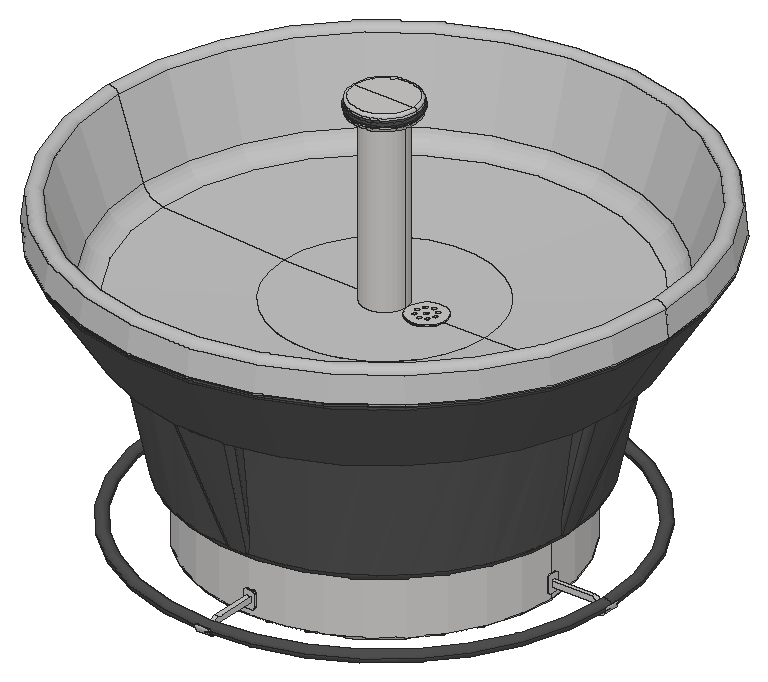
Revit family "Washfountain_Lavatory-Bradley_Corp-WF2808-Type_B_Drain", category Plumbing Fixtures, Revit 2012
Parameters
  Width = 54.000"
  Warranty Information = ""
  WFU = 0
  Voltage = 110 V
  Version = "2.0"
  Vent Radius = Vent / 2  # 3/4"
  Vent = 1 1/2"
  URL = "http://www.bradleycorp.com/"
  Towel Dispenser Holder [instance] = if((Soap Dispenser), 6.000", 15.000")  # 15.000"
  Towel Dispenser Height [instance] = if((Sensor Module), 55.750", 52.250")  # 52.250"
  TouchTime® Control [instance] = no
  Technical Data = ""
  Vent Height [instance] = if(and(Sensor Module, Soap Dispenser, Towel Dispenser), 72.063", if(and(Sensor Module, Soap Dispenser, No Towel Dispenser), 49.750", if(and(Sensor Module, No Soap Dispenser, No Towel Dispenser), 40.750", if(and(Sensor Module, No Soap Dispenser, Towel Dispenser), 72.063", if(and(No Sensor Module, No Soap Dispenser, No Towel Dispenser), 37.250", if(and(No Sensor Module, No Soap Dispenser, Towel Dispenser), 68.563", if(and(No Sensor Module, Soap Dispenser, Towel Dispenser), 68.563", 46.250")))))))  # 37.250"
  Spray Head Height = 37.250"
  Specifications URL = "http://www.bradleycorp.com/3partspec"
  Soap Dispenser Holder [instance] = 3.000"  # constant formula
  Soap Dispenser Height [instance] = if((Sensor Module), 49.750", 46.250")  # 46.250"
  Sensor Module Height = 40.750"
  Sensor Module [instance] = or(not(Foot Control Valve), TouchTime® Control, Air Valve Hand Control, Adaptive Infrared Activation Control)  # no
  Rim Height = 29.000"
  Product Tech Data URL - Spanish = ""
  Product Tech Data URL - French = ""
  Product Tech Data URL - English = "http://bradleycorp.com/download/1241/2015.pdf"
  Pedestal Material = Plastic - Bradley Corp - Black
  Pedestal Height = 26.000"
  Operating Water Pressure Range = "20 - 80 PSI"
  OmniClass Table 23 Title = "Sinks/Lavatories"
  OmniClass Table 23 Number = "23-31 13 00"
  OmniClass Table 21 Title = "Plumbing Fixtures"
  OmniClass Table 21 Number = "21-04 20 10 60"
  No Towel Dispenser [instance] = not(Towel Dispenser)  # yes
  No Soap Dispenser [instance] = not(Soap Dispenser)  # yes
  No Sensor Module [instance] = not(Sensor Module)  # yes
  Modeling Code = ""
  Model = "WF2808"
  Material Note = "Other Terrazzo colors available - See www.bradleycorp.com "
  MasterFormat Title = "Commercial Lavatories and Sinks"
  MasterFormat Number = "22 42 16"
  Manufacturer = "Bradley Corp"
  Industry Standards = "ANSI Z124.3, Z124.6 and ANSI/ICPA SS-1-2001"
  Hot Lavatory Inlet Radius = Hot Lavatory Inlet / 2  # 1/4"
  Hot Lavatory Inlet = 1/2"
  HWFU = 0
  Frequency = 50 Hz
  Foot Control Valve [instance] = not(or(TouchTime® Control, Air Valve Hand Control, Adaptive Infrared Activation Control))  # yes
  Flow Rate = 5.0 GPM
  Fire Rating = "n/a"
  Drain Radius = Drain / 2  # 1"
  Drain = 2"
  Description = "Washfountain, 54\" Circular with 9\" Deep Bowl"
  Copyright = "This Model Data is Property of Bradley Corporation"
  Cold Lavatory Inlet Radius = Cold Lavatory Inlet / 2  # 1/4"
  Cold Lavatory Inlet = 1/2"
  CWFU = 0
  Buy American Act = "No"
  Button Visibility [instance] = or(TouchTime® Control, Air Valve Hand Control)  # no
  Bowl Material [instance] = Stone - Bradley Corp - Carbon
  Assembly Code = "D2010300"
  Air Valve Hand Control [instance] = no
  Adaptive Infrared Activation Control [instance] = no
  ADA Compliant = "Yes"
  Soap Dispenser [instance] = no
  Towel Dispenser [instance] = no
Reference planes (in)
  plane 1 "Center (Front/Back)": y = 0
  plane 2: z = 0
  plane 3 "Center (Left/Right)": x = 0
  plane 4 "Left": x = -27
  plane 5 "Right": x = 27
  plane 6 "Front": y = -27
  plane 7 "Back": y = 27
  plane 8 "Towel Dispenser": z = 52.25
  plane 9 "Soap Dispenser": z = 46.25
  plane 10 "Sensor Module": z = 40.75
  plane 11 "Spray Head": z = 37.25
  plane 12 "Rim Height": z = 29
  plane 13: z = 40.25
  plane 14 "Pedestal Height": z = 26
Forms (in)
  Revolve 1, solid, material "Stone - Bradley Corp - Carbon" <- "Bowl Material", detail levels medium+fine
    sketch origin (-3, 0, 29) x (1, 0, 0) y (0, 0, 1)
      loop
        line (-19.00041, -10.88) -> (1, -10.88) -> (1, -8.99998) -> (-6.5, -8.99998) -> (-18.04504, -8.54806)
        arc (-18.04504, -8.54806) -> (-19.17262, -8.16768) -> (-19.88451, -7.2141) r 2
        line (-19.88451, -7.2141) -> (-22.2559, -0.49353)
        arc (-22.2559, -0.49353) -> (-23.0061, 0) -> (-23.6919, -0.5797) r 0.75
        line (-23.6919, -0.5797) -> (-24, -2.8881)
        arc (-24, -2.8881) -> (-23.97669, -2.96533) -> (-23.90322, -2.99865) r 0.09764
        line (-23.90322, -2.99865) -> (-23.7906, -2.99865) -> (-23.84579, -3.22848)
        arc (-23.84579, -3.22848) -> (-23.84847, -3.32773) -> (-23.81229, -3.42019) r 0.24994
        line (-23.81229, -3.42019) -> (-19.00041, -10.88)
      axis (3, -0.49353) -> (3, -10.88)
    angle from 0 to 360
  Revolve 2, solid, material "Stone - Bradley Corp - Carbon" <- "Bowl Material", detail levels coarse
    sketch origin (-3, 0, 29) x (1, 0, 0) y (0, 0, 1)
      loop
        line (-24, 0) -> (-24, -3) -> (-23.50943, -3) -> (-19.08564, -10.88) -> (1, -10.88) -> (1, -8.85798) -> (-6.5, -8.85798) -> (-19.43127, -8.4938) -> (-22.43959, 0) -> (-24, 0)
      axis (3, 0) -> (3, -10.88)
    angle from 0 to 360
  Revolve 3, solid, material "Metal - Bradley Corp - Stainless Steel - Polished", detail levels fine
    sketch origin (-3, 0, 37.25) x (1, 0, 0) y (0, 0, 1)
      loop
        arc (0.215, 0.00002) -> (0.03822, -0.0732) -> (-0.035, -0.24998) r 0.25
        line (-0.035, -0.24998) -> (-0.035, -0.44498)
        arc (-0.035, -0.44498) -> (-0.10129, -0.47244) -> (-0.12875, -0.53873) r 0.09375
        line (-0.12875, -0.53873) -> (-0.12875, -0.85123)
        arc (-0.12875, -0.85123) -> (-0.10129, -0.91752) -> (-0.035, -0.94498) r 0.09375
        line (-0.035, -0.94498) -> (-0.035, -1.13998)
        arc (-0.035, -1.13998) -> (0.03822, -1.31676) -> (0.215, -1.38998) r 0.25
        line (0.215, -1.38998) -> (1, -1.38998) -> (1, -18.991) -> (3, -18.991) -> (3, 0.00002) -> (0.215, 0.00002)
      axis (3, 0.00002) -> (3, -18.991)
    angle from 0 to 360
  Revolve 4, solid, material "Metal - Bradley Corp - Stainless Steel - Polished", detail levels coarse+medium
    sketch origin (-3, 0, 37.25) x (1, 0, 0) y (0, 0, 1)
      loop
        line (3, 0) -> (0.21498, 0) -> (-0.12875, -0.44498) -> (-0.12875, -0.94498) -> (0.215, -1.38998) -> (1, -1.38998) -> (1, -18.991) -> (3, -18.991) -> (3, 0)
      axis (3, 0) -> (3, -18.991)
    angle from 0 to 360
  Revolve 5, solid, material "Metal - Bradley Corp - Stainless Steel - Polished", visible <- "Soap Dispenser", detail levels fine
    sketch origin (-3, 0, 46.25) x (1, 0, 0) y (0, 0, 1)
      loop
        arc (-1.17907, 0) -> (-2.18101, -0.11803) -> (-3.1566, -0.375) r 7.19764
        line (-3.1566, -0.375) -> (-3.1566, -1) -> (-3.01376, -1) -> (-3.01376, -1.64327) -> (-2.98301, -1.64327) -> (-2.98301, -2.89327) -> (-2.93039, -2.89327) -> (-2.93039, -4.14327) -> (-2.87777, -4.14327) -> (-2.87777, -5.39327) -> (-2.81, -5.39327) -> (-2.81, -6) -> (3, -6) -> (3, 0) -> (-1.17907, 0)
      axis (3, 0) -> (3, -6)
    angle from 0 to 360
  Revolve 6, solid, material "Metal - Bradley Corp - Stainless Steel - Polished", visible <- "Soap Dispenser", detail levels coarse+medium
    sketch origin (-3, 0, 46.25) x (1, 0, 0) y (0, 0, 1)
      loop
        line (3, -1) -> (-3.1566, -1) -> (-2.81, -6) -> (3, -6) -> (3, -1)
      axis (3, -1) -> (3, -6)
    angle from 0 to 360
  Revolve 7, solid, material "Metal - Bradley Corp - Stainless Steel - Polished", visible <- "Sensor Module", detail levels fine
    sketch origin (-3, 0, 40.75) x (1, 0, 0) y (0, 0, 1)
      loop
        line (-1.49987, -0.56541) -> (-1.49987, -1.98683)
        arc (-1.49987, -1.98683) -> (-1.48063, -2.08301) -> (-1.42587, -2.16439) r 0.25
        line (-1.42587, -2.16439) -> (-0.82309, -2.76716)
        arc (-0.82309, -2.76716) -> (-0.74199, -2.82135) -> (-0.64632, -2.84038) r 0.25
        line (-0.64632, -2.84038) -> (1, -2.84038) -> (1, -3.5) -> (3, -3.5) -> (3, 0) -> (0.89718, 0)
        arc (0.89718, 0) -> (-0.28099, -0.0858) -> (-1.45612, -0.2063) r 40.06
        arc (-1.45612, -0.2063) -> (-1.54124, -0.251) -> (-1.57537, -0.34072) r 0.135
        line (-1.57537, -0.34072) -> (-1.57537, -0.56541) -> (-1.49987, -0.56541)
      axis (3, 0) -> (3, -3.5)
    angle from 0 to 360
  Revolve 8, solid, material "Metal - Bradley Corp - Stainless Steel - Polished", visible <- "Sensor Module", detail levels coarse+medium
    sketch origin (-3, 0, 40.75) x (1, 0, 0) y (0, 0, 1)
      loop
        line (-1.57537, -2.01488) -> (-0.75025, -2.84) -> (1, -2.84) -> (1, -3.5) -> (3, -3.5) -> (3, 0) -> (-1.57537, 0) -> (-1.57537, -2.01488)
      axis (3, 0) -> (3, -3.5)
    angle from 0 to 360
  Extrusion 9, solid, material "Metal - Bradley Corp - Stainless Steel - Polished", visible <- "Towel Dispenser"
    sketch origin (-5.60167, 3.20696, 52.25) x (0, 0, 1) y (0, 1, 0)
      loop
        line (0, 0) -> (15.313, 0) -> (14.62567, 4) -> (1.37502, 4) -> (0, 1.75) -> (0, 0)
    from -0.10167 to -11.10192
  Extrusion 10, solid, material "Metal - Bradley Corp - Stainless Steel - Polished", visible <- "Towel Dispenser"
    sketch origin (-0.06259, -6.38699, 52.25) x (0, 0, 1) y (-0.866025, -0.5, 0)
      loop
        line (0, 0) -> (15.313, 0) -> (14.62567, 4) -> (1.37502, 4) -> (0, 1.75) -> (0, 0)
    from 0 to -11
  Extrusion 11, solid, material "Metal - Bradley Corp - Stainless Steel - Polished", visible <- "Towel Dispenser"
    sketch origin (5.61356, 3.22741, 55.75) x (0, 0, 1) y (0.866038, -0.499977, 0)
      loop
        line (-3.5, 0) -> (11.813, 0) -> (11.12567, 4) -> (-2.12498, 4) -> (-3.5, 1.75) -> (-3.5, 0)
    from -0.10167 to -11.10192
  Extrusion 12, solid, material "Metal - Bradley Corp - Stainless Steel - Polished", visible <- "Towel Dispenser"
    sketch origin (0, 0, 52.25) x (-1, 0, 0) y (0, -1, 0)
      loop
        circle (0, 0) r 2
    from -15 to 16.313
  Extrusion 13, solid, material "Metal - Bradley Corp - Stainless Steel - Polished", visible <- "Soap Dispenser"
    sketch origin (0, 0, 46.25) x (-1, 0, 0) y (0, -1, 0)
      loop
        circle (0, 0) r 2
    from -6 to -9
  Extrusion 14, solid, material "Metal - Bradley Corp - Stainless Steel - Polished", visible <- "Towel Dispenser"
    sketch origin (0, 0, 52.25) x (-1, 0, 0) y (0, -1, 0)
      loop
        line (5.5, -3.20696) -> (5.56259, -3.13929) -> (0.06259, 6.38699) -> (-0.06295, 6.3871) -> (-5.56269, -3.13929) -> (-5.50026, -3.20696) -> (5.5, -3.20696)
      loop
        circle (0, 0) r 2
    from 14.62567 to 14.12567
  Extrusion 15, solid, material "Metal - Bradley Corp - Stainless Steel - Polished", visible <- "Towel Dispenser"
    sketch origin (0, 0, 52.25) x (-1, 0, 0) y (0, -1, 0)
      loop
        line (5.56259, -3.13929) -> (0.06259, 6.38699) -> (-0.06295, 6.3871) -> (-5.56269, -3.13929) -> (-5.50026, -3.20696) -> (5.5, -3.20696) -> (5.56259, -3.13929)
      loop
        circle (0, 0) r 2
    from 1.0786 to 1.5786
  Sweep 16, solid, material "Plastic - Bradley Corp - Black", visible <- "Foot Control Valve"
    path in 3D
      loop
        arc (-21, 0, 0) -> (0, -21, 0) -> (21, 0, 0) r 21
        arc (21, 0, 0) -> (0, 21, 0) -> (-21, 0, 0) r 21
    profile origin (0, 21, 0) x (0, -1, 0) y (0, 0, 1)
      loop
        circle (0, 1.425) r 0.5
  Extrusion 17, solid, material "Metal - Bradley Corp - Stainless Steel - Satin", visible <- "Foot Control Valve"
    sketch origin (0, 0, 0) x (1, 0, 0) y (0, 0, 1)
      loop
        arc (-21.48307, 1.55388) -> (-21.51847, 1.61509) -> (-21.57968, 1.57969) r 0.05
        arc (-21.57968, 1.57969) -> (-21.01372, 0.82503) -> (-20.41385, 1.55302) r 0.6
        arc (-20.41385, 1.55302) -> (-20.47337, 1.59119) -> (-20.51154, 1.53166) r 0.05
        arc (-20.51154, 1.53166) -> (-21.01143, 0.925) -> (-21.48307, 1.55388) r 0.5
      loop
        arc (21.48307, 1.55388) -> (21.01143, 0.925) -> (20.51154, 1.53166) r 0.5
        arc (20.51154, 1.53166) -> (20.47337, 1.59119) -> (20.41385, 1.55302) r 0.05
        arc (20.41385, 1.55302) -> (21.01372, 0.82503) -> (21.57968, 1.57969) r 0.6
        arc (21.57968, 1.57969) -> (21.51847, 1.61509) -> (21.48307, 1.55388) r 0.05
    from -0.67 to 0.67
  Extrusion 18, solid, material "Metal - Bradley Corp - Stainless Steel - Satin", visible <- "Foot Control Valve"
    sketch origin (0, 0, 0) x (0, 1, 0) y (0, 0, 1)
      loop
        arc (21.48307, 1.55401) -> (21.01143, 0.92513) -> (20.51154, 1.53179) r 0.5
        arc (20.51154, 1.53179) -> (20.47337, 1.59132) -> (20.41385, 1.55315) r 0.05
        arc (20.41385, 1.55315) -> (21.01372, 0.82516) -> (21.57968, 1.57982) r 0.6
        arc (21.57968, 1.57982) -> (21.51847, 1.61522) -> (21.48307, 1.55401) r 0.05
      loop
        arc (-21.48307, 1.55401) -> (-21.51847, 1.61522) -> (-21.57968, 1.57982) r 0.05
        arc (-21.57968, 1.57982) -> (-21.01372, 0.82516) -> (-20.41385, 1.55315) r 0.6
        arc (-20.41385, 1.55315) -> (-20.47337, 1.59132) -> (-20.51154, 1.53179) r 0.05
        arc (-20.51154, 1.53179) -> (-21.01143, 0.92513) -> (-21.48307, 1.55401) r 0.5
    from -0.67 to 0.67
  Extrusion 19, solid, material "Metal - Bradley Corp - Stainless Steel - Satin", visible <- "Foot Control Valve"
    sketch origin (0, 0, 0) x (1, 0, 0) y (0, 0, 1)
      loop
        line (-16.0446, 1.26725) -> (-16.0446, 1.76725) -> (-19.80661, 1.76725)
        arc (-19.80661, 1.76725) -> (-20.14911, 1.67556) -> (-20.4, 1.42503) r 0.68556
        arc (-20.4, 1.42503) -> (-20.57574, 1.00076) -> (-21, 0.82503) r 0.6
        arc (-21, 0.82503) -> (-20.42367, 0.87326) -> (-19.94786, 1.20202) r 1.12245
        arc (-19.94786, 1.20202) -> (-19.8844, 1.25015) -> (-19.80661, 1.26725) r 0.18556
        line (-19.80661, 1.26725) -> (-16.0446, 1.26725)
      loop
        line (16.04456, 1.26725) -> (19.80661, 1.26725)
        arc (19.80661, 1.26725) -> (19.8844, 1.25015) -> (19.94786, 1.20202) r 0.18556
        arc (19.94786, 1.20202) -> (20.42367, 0.87326) -> (21, 0.82503) r 1.12245
        arc (21, 0.82503) -> (20.57574, 1.00076) -> (20.4, 1.42503) r 0.6
        arc (20.4, 1.42503) -> (20.14911, 1.67556) -> (19.80661, 1.76725) r 0.68556
        line (19.80661, 1.76725) -> (16.04456, 1.76725) -> (16.04456, 1.26725)
    from -0.2 to 0.2
  Extrusion 20, solid, material "Metal - Bradley Corp - Stainless Steel - Satin", visible <- "Foot Control Valve"
    sketch origin (0, 0, 0) x (0, 1, 0) y (0, 0, 1)
      loop
        line (16.04286, 1.27219) -> (19.80754, 1.27219)
        arc (19.80754, 1.27219) -> (19.88533, 1.25509) -> (19.94879, 1.20696) r 0.18556
        arc (19.94879, 1.20696) -> (20.4246, 0.8782) -> (21.00093, 0.82997) r 1.12245
        arc (21.00093, 0.82997) -> (20.57666, 1.0057) -> (20.40093, 1.42997) r 0.6
        arc (20.40093, 1.42997) -> (20.15004, 1.6805) -> (19.80754, 1.77219) r 0.68556
        line (19.80754, 1.77219) -> (16.04286, 1.77219) -> (16.04286, 1.27219)
      loop
        line (-16.04458, 1.27219) -> (-16.04458, 1.77219) -> (-19.80754, 1.77219)
        arc (-19.80754, 1.77219) -> (-20.15004, 1.6805) -> (-20.40093, 1.42997) r 0.68556
        arc (-20.40093, 1.42997) -> (-20.57666, 1.0057) -> (-21.00093, 0.82997) r 0.6
        arc (-21.00093, 0.82997) -> (-20.4246, 0.8782) -> (-19.94879, 1.20696) r 1.12245
        arc (-19.94879, 1.20696) -> (-19.88533, 1.25509) -> (-19.80754, 1.27219) r 0.18556
        line (-19.80754, 1.27219) -> (-16.04458, 1.27219)
    from -0.19588 to 0.2
  Extrusion 21, solid, material "Metal - Bradley Corp - Stainless Steel - Satin", visible <- "Foot Control Valve"
    sketch origin (0, 0, 0) x (0, 1, 0) y (0, 0, 1)
      loop
        line (0.25501, 2.33461) -> (-0.24499, 2.33461)
        arc (-0.24499, 2.33461) -> (-0.42177, 2.26139) -> (-0.49499, 2.08461) r 0.25
        line (-0.49499, 2.08461) -> (-0.49499, 0.95961)
        arc (-0.49499, 0.95961) -> (-0.42177, 0.78284) -> (-0.24499, 0.70961) r 0.25
        line (-0.24499, 0.70961) -> (0.25501, 0.70961)
        arc (0.25501, 0.70961) -> (0.43178, 0.78284) -> (0.50501, 0.95961) r 0.25
        line (0.50501, 0.95961) -> (0.50501, 2.08461)
        arc (0.50501, 2.08461) -> (0.43178, 2.26139) -> (0.25501, 2.33461) r 0.25
      loop
        line (0.24214, 1.22802) -> (0.24214, 1.81621) -> (-0.23845, 1.81621) -> (-0.23845, 1.22802) -> (0.24214, 1.22802)
    from -16.0446 to -15.8946
  Extrusion 22, solid, material "Metal - Bradley Corp - Stainless Steel - Satin", visible <- "Foot Control Valve"
    sketch origin (0, 0, 0) x (0, 1, 0) y (0, 0, 1)
      loop
        arc (-0.25501, 2.33461) -> (-0.43178, 2.26139) -> (-0.50501, 2.08461) r 0.25
        line (-0.50501, 2.08461) -> (-0.50501, 0.95961)
        arc (-0.50501, 0.95961) -> (-0.43178, 0.78284) -> (-0.25501, 0.70961) r 0.25
        line (-0.25501, 0.70961) -> (0.24499, 0.70961)
        arc (0.24499, 0.70961) -> (0.42177, 0.78284) -> (0.49499, 0.95961) r 0.25
        line (0.49499, 0.95961) -> (0.49499, 2.08461)
        arc (0.49499, 2.08461) -> (0.42177, 2.26139) -> (0.24499, 2.33461) r 0.25
        line (0.24499, 2.33461) -> (-0.25501, 2.33461)
      loop
        line (-0.24214, 1.22802) -> (0.23845, 1.22802) -> (0.23845, 1.81621) -> (-0.24214, 1.81621) -> (-0.24214, 1.22802)
    from 15.89284 to 16.04456
  Extrusion 23, solid, material "Metal - Bradley Corp - Stainless Steel - Satin", visible <- "Foot Control Valve"
    sketch origin (0, 0, 0) x (1, 0, 0) y (0, 0, 1)
      loop
        arc (-0.25501, 2.33461) -> (-0.43178, 2.26139) -> (-0.50501, 2.08461) r 0.25
        line (-0.50501, 2.08461) -> (-0.50501, 0.95961)
        arc (-0.50501, 0.95961) -> (-0.43178, 0.78284) -> (-0.25501, 0.70961) r 0.25
        line (-0.25501, 0.70961) -> (0.24499, 0.70961)
        arc (0.24499, 0.70961) -> (0.42177, 0.78284) -> (0.49499, 0.95961) r 0.25
        line (0.49499, 0.95961) -> (0.49499, 2.08461)
        arc (0.49499, 2.08461) -> (0.42177, 2.26139) -> (0.24499, 2.33461) r 0.25
        line (0.24499, 2.33461) -> (-0.25501, 2.33461)
      loop
        line (-0.24214, 1.22802) -> (0.23845, 1.22802) -> (0.23845, 1.81621) -> (-0.24214, 1.81621) -> (-0.24214, 1.22802)
    from -16.04286 to -15.89458
  Extrusion 24, solid, material "Metal - Bradley Corp - Stainless Steel - Satin", visible <- "Foot Control Valve"
    sketch origin (0, 0, 0) x (1, 0, 0) y (0, 0, 1)
      loop
        line (0.25501, 2.33461) -> (-0.24499, 2.33461)
        arc (-0.24499, 2.33461) -> (-0.42177, 2.26139) -> (-0.49499, 2.08461) r 0.25
        line (-0.49499, 2.08461) -> (-0.49499, 0.95961)
        arc (-0.49499, 0.95961) -> (-0.42177, 0.78284) -> (-0.24499, 0.70961) r 0.25
        line (-0.24499, 0.70961) -> (0.25501, 0.70961)
        arc (0.25501, 0.70961) -> (0.43178, 0.78284) -> (0.50501, 0.95961) r 0.25
        line (0.50501, 0.95961) -> (0.50501, 2.08461)
        arc (0.50501, 2.08461) -> (0.43178, 2.26139) -> (0.25501, 2.33461) r 0.25
      loop
        line (0.24214, 1.22802) -> (0.24214, 1.81621) -> (-0.23845, 1.81621) -> (-0.23845, 1.22802) -> (0.24214, 1.22802)
    from 15.89458 to 16.04458
  Extrusion 25, void
    sketch origin (0, 0, 18.12) x (-1, 0, 0) y (0, -1, 0)
      loop
        circle (-4, 0) r 1.75
    from 0 to 10.88
  Extrusion 26, solid, material "Metal - Bradley Corp - Stainless Steel - Polished", detail levels medium+fine
    sketch origin (0, 0, 18.12) x (-1, 0, 0) y (0, -1, 0)
      loop
        circle (-4, 0) r 1.75
      loop
        circle (-4, 0) r 0.1842
      loop
        circle (-4, -0.87771) r 0.1842
      loop
        circle (-3.12229, 0) r 0.1842
      loop
        circle (-4, 0.87771) r 0.1842
      loop
        circle (-4.87771, 0) r 0.1842
      loop
        circle (-4.62063, -0.62063) r 0.1842
      loop
        circle (-3.37937, -0.62063) r 0.1842
      loop
        circle (-3.37937, 0.62063) r 0.1842
      loop
        circle (-4.62063, 0.62063) r 0.1842
    from 1.97531 to 2.02202
  Extrusion 27, solid, material "Default", not visible, detail levels medium+fine
    sketch origin (0, 0, 0) x (1, 0, 0) y (0, 1, 0)
      loop
        circle (-4, 0) r 1
      loop
        line (1, 5.5) -> (-1, 5.5) -> (-1, 4.5) -> (1, 4.5) -> (1, 5.5)
    from 0 to 3
  SweptBlend 28, solid, material "Plastic - Bradley Corp - Black" <- "Pedestal Material", detail levels medium+fine
    path in 3D
      loop
        line (-17.47033, -0.07207, 6.24986) -> (-22.00672, -0.07207, 18.12)
    profile origin (-17.47033, -0.07207, 6.24986) x (0, 1, 0) y (-0.934109, 0, -0.356987)
      loop
        arc (1.10677, -0.31109) -> (1.01994, -0.10145) -> (0.8103, -0.01461) r 0.29648
        arc (0.8103, -0.01461) -> (0, 0.02141) -> (-0.8103, -0.01461) r 9.13062
        arc (-0.8103, -0.01461) -> (-1.01994, -0.10145) -> (-1.10677, -0.31109) r 0.29648
        line (-1.10677, -0.31109) -> (-1.10677, -2.07277) -> (1.10677, -2.07277) -> (1.10677, -0.31109)
    end profile origin (-22.00672, -0.07207, 18.12) x (0, 1, 0) y (-0.934109, 0, -0.356987)
      loop
        spline (2.38834, -0.11493) -> (2.00339, -0.08006) -> (1.61784, -0.05152) -> (1.23182, -0.02931) -> (0.84544, -0.01344) -> (0.45881, -0.00392) -> (0.07207, -0.00074) -> (-0.31467, -0.00392) -> (-0.70129, -0.01344) -> (-1.08767, -0.02931) -> (-1.4737, -0.05152) -> (-1.85924, -0.08006) -> (-2.24419, -0.11493)
        arc (-2.24419, -0.11493) -> (-2.58078, -0.31531) -> (-2.71312, -0.684) r 0.57976
        line (-2.71312, -0.684) -> (-2.20765, -2.07277) -> (2.35179, -2.07277) -> (2.85726, -0.684)
        arc (2.85726, -0.684) -> (2.72493, -0.31531) -> (2.38834, -0.11493) r 0.57976
  Revolve 29, solid, material "Plastic - Bradley Corp - Black" <- "Pedestal Material", detail levels medium+fine
    sketch origin (0, 0, 0) x (1, 0, 0) y (0, 0, 1)
      loop
        arc (-17.49891, 6.32544) -> (-17.17129, 5.84995) -> (-16.62363, 5.66694) r 0.91095
        line (-16.62363, 5.66694) -> (0, 5.66694) -> (0, 18.12) -> (-20.00592, 18.12) -> (-17.49891, 6.32544)
      axis (0, 18.12) -> (0, 5.66694)
    angle from 0 to 360
  SweptBlend 30, solid, material "Plastic - Bradley Corp - Black" <- "Pedestal Material", detail levels medium+fine
    path in 3D
      loop
        line (0.07207, -17.47033, 6.24986) -> (0.07207, -22.00672, 18.12)
    profile origin (0.07207, -17.47033, 6.24986) x (-0.135177, 0.925536, 0.35371) y (-0.990822, -0.12627, -0.048256)
      loop
        arc (0.45784, 1.05456) -> (0.23839, 0.99686) -> (0.12401, 0.80089) r 0.29648
        arc (0.12401, 0.80089) -> (-0.02122, 0.00289) -> (-0.09506, -0.80484) r 9.13062
        arc (-0.09506, -0.80484) -> (-0.03736, -1.02429) -> (0.15862, -1.13867) r 0.29648
        line (0.15862, -1.13867) -> (1.90413, -1.3768) -> (2.20335, 0.81642) -> (0.45784, 1.05456)
    end profile origin (0.07207, -22.00672, 18.12) x (-0.135177, 0.925536, 0.35371) y (-0.990822, -0.12627, -0.048256)
      loop
        spline (0.43672, 2.35088) -> (0.35014, 1.97418) -> (0.26974, 1.59603) -> (0.19555, 1.21655) -> (0.1276, 0.83586) -> (0.0659, 0.45407) -> (0.01048, 0.07131) -> (-0.03866, -0.31231) -> (-0.08148, -0.69667) -> (-0.11799, -1.08165) -> (-0.14817, -1.46713) -> (-0.172, -1.853) -> (-0.18949, -2.23913)
        arc (-0.18949, -2.23913) -> (-0.03645, -2.59972) -> (0.31097, -2.78068) r 0.57976
        line (0.31097, -2.78068) -> (1.75532, -2.46757) -> (2.37165, 2.05002) -> (1.06395, 2.73858)
        arc (1.06395, 2.73858) -> (0.68076, 2.6573) -> (0.43672, 2.35088) r 0.57976
  SweptBlend 31, solid, material "Plastic - Bradley Corp - Black" <- "Pedestal Material", detail levels medium+fine
    path in 3D
      loop
        line (17.47033, 0.07207, 6.24986) -> (22.00672, 0.07207, 18.12)
    profile origin (17.47033, 0.07207, 6.24986) x (-0.12862, 0.990475, 0.049154) y (-0.925212, -0.137692, 0.353587)
      loop
        arc (-1.0534, 0.46052) -> (-0.99625, 0.24092) -> (-0.80057, 0.12604) r 0.29648
        arc (-0.80057, 0.12604) -> (-0.00295, -0.02121) -> (0.80459, -0.0971) r 9.13062
        arc (0.80459, -0.0971) -> (1.02419, -0.03996) -> (1.13907, 0.15573) r 0.29648
        line (1.13907, 0.15573) -> (1.38164, 1.90063) -> (-0.81083, 2.20542) -> (-1.0534, 0.46052)
    end profile origin (22.00672, 0.07207, 18.12) x (-0.12862, 0.990475, 0.049154) y (-0.925212, -0.137692, 0.353587)
      loop
        spline (-2.34977, 0.44269) -> (-1.97328, 0.35515) -> (-1.59534, 0.27379) -> (-1.21605, 0.19864) -> (-0.83553, 0.12972) -> (-0.4539, 0.06705) -> (-0.07128, 0.01066) -> (0.31221, -0.03945) -> (0.69646, -0.08325) -> (1.08135, -0.12074) -> (1.46675, -0.15189) -> (1.85256, -0.17671) -> (2.23864, -0.19518)
        arc (2.23864, -0.19518) -> (2.59962, -0.04305) -> (2.78146, 0.30391) r 0.57976
        line (2.78146, 0.30391) -> (2.47202, 1.74905) -> (-2.04399, 2.37685) -> (-2.73587, 1.0709)
        arc (-2.73587, 1.0709) -> (-2.65556, 0.6875) -> (-2.34977, 0.44269) r 0.57976
  SweptBlend 32, solid, material "Plastic - Bradley Corp - Black" <- "Pedestal Material", detail levels medium+fine
    path in 3D
      loop
        line (-0.07207, 17.47033, 6.24986) -> (-0.07207, 22.00672, 18.12)
    profile origin (-0.07207, 17.47033, 6.24986) x (-0.265556, 0.900571, -0.344169) y (-0.964096, -0.248058, 0.0948)
      loop
        arc (-0.59383, -0.98442) -> (-0.36865, -0.95638) -> (-0.22927, -0.77732) r 0.29648
        arc (-0.22927, -0.77732) -> (0.02065, -0.00569) -> (0.20109, 0.78508) r 9.13062
        arc (0.20109, 0.78508) -> (0.17305, 1.01026) -> (-0.00601, 1.14965) r 0.29648
        line (-0.00601, 1.14965) -> (-1.70444, 1.61747) -> (-2.29225, -0.5166) -> (-0.59383, -0.98442)
    end profile origin (-0.07207, 22.00672, 18.12) x (-0.265556, 0.900571, -0.344169) y (-0.964096, -0.248058, 0.0948)
      loop
        spline (-0.74504, -2.27207) -> (-0.6092, -1.9102) -> (-0.47929, -1.54607) -> (-0.35537, -1.17981) -> (-0.23747, -0.81151) -> (-0.12562, -0.4413) -> (-0.01985, -0.06929) -> (0.07979, 0.30441) -> (0.17327, 0.67968) -> (0.26058, 1.0564) -> (0.34168, 1.43446) -> (0.41655, 1.81375) -> (0.48516, 2.19414)
        arc (0.48516, 2.19414) -> (0.38136, 2.57185) -> (0.06105, 2.79734) r 0.57976
        line (0.06105, 2.79734) -> (-1.41209, 2.67882) -> (-2.62288, -1.71692) -> (-1.4182, -2.57304)
        arc (-1.4182, -2.57304) -> (-1.02761, -2.54336) -> (-0.74504, -2.27207) r 0.57976
  Revolve 33, solid, material "Metal - Bradley Corp - Stainless Steel - Satin"
    sketch origin (0, 0, 0) x (1, 0, 0) y (0, 0, 1)
      loop
        line (-15.89458, 5.66694) -> (-15.89458, 0.09391)
        arc (-15.89458, 0.09391) -> (-15.86599, 0.0274) -> (-15.799, 0) r 0.0956
        line (-15.799, 0) -> (0, 0) -> (0, 5.66694) -> (-15.89458, 5.66694)
      axis (0, 5.66694) -> (0, 0)
    angle from 0 to 360
  Revolve 34, solid, material "Plastic - Bradley Corp - Black" <- "Pedestal Material", detail levels coarse
    sketch origin (0, 0, 0) x (0, 1, 0) y (0, 0, 1)
      loop
        line (22.00592, 18.12) -> (0, 18.12) -> (0, 5.66694) -> (17.27314, 5.66694) -> (22.00592, 18.12)
      axis (0, 18.12) -> (0, 5.66694)
    angle from 0 to 360
  Extrusion 35, solid, material "Default", not visible, detail levels medium+fine
    sketch origin (0, 0, 0) x (1, 0, 0) y (0, 1, 0)
      loop
        circle (0, 0) r 0.75
      loop
        circle (-0.875, 1.25) r 0.25
      loop
        circle (0.875, 1.25) r 0.25
    from 0 to 37.25
  Revolve 36, solid, material "Plastic - Bradley Corp - Black", visible <- "Soap Dispenser", detail levels coarse+medium
    sketch origin (-3, 0, 46.25) x (1, 0, 0) y (0, 0, 1)
      loop
        line (-3.22592, 0) -> (-3.1566, -1) -> (3, -1) -> (3, 0) -> (-3.22592, 0)
      axis (3, 0) -> (3, -1)
    angle from 0 to 360
  Extrusion 37, solid, material "Metal - Bradley Corp - Stainless Steel - Polished", visible <- "Button Visibility"
    sketch origin (-3, 0, 40.75) x (1, 0, 0) y (0, 0, 1)
      loop
        circle (3, -1.3649) r 0.5
    from 4.57537 to 4.97537
  Extrusion 38, solid, material "Metal - Bradley Corp - Stainless Steel - Polished", visible <- "Button Visibility"
    sketch origin (-3, 0, 40.75) x (1, 0, 0) y (0, 0, 1)
      loop
        circle (3, -1.3649) r 0.5
    from -4.97537 to -4.57537
  Extrusion 39, solid, material "Metal - Bradley Corp - Stainless Steel - Polished", visible <- "Button Visibility", detail levels fine
    sketch origin (-3, 0, 40.75) x (1, 0, 0) y (0, 0, 1)
      loop
        circle (3, -1.3649) r 0.25
    from 4.49987 to 4.57537
  Extrusion 40, solid, material "Metal - Bradley Corp - Stainless Steel - Polished", visible <- "Button Visibility", detail levels fine
    sketch origin (-3, 0, 40.75) x (1, 0, 0) y (0, 0, 1)
      loop
        circle (3, -1.3649) r 0.25
    from -4.57537 to -4.49987
Cuts and joins
  Extrusion 25 cuts Revolve 2
  Extrusion 25 cuts Revolve 1
  joined: SweptBlend 28, Revolve 29, SweptBlend 30, SweptBlend 31, SweptBlend 32
Lines and regions (in)
  Masking region 1, detail levels coarse
    outline origin (-3, 0, 29) x (1, 0, 0) y (0, 0, 1)
      loop
        line (-24, 0) -> (-24, -3) -> (-23.5095, -3) -> (-19.08642, -10.88) -> (25.08642, -10.88) -> (29.5095, -3) -> (30, -3) -> (30, 0) -> (-24, 0)
  Masking region 2, detail levels medium+fine
    outline origin (-3, 0, 29) x (1, 0, 0) y (0, 0, 1)
      loop
        arc (-22.96118, 0.00001) -> (-23.42797, -0.16297) -> (-23.6919, -0.58104) r 0.75
        line (-23.6919, -0.58104) -> (-24, -2.88945)
        arc (-24, -2.88945) -> (-23.97669, -2.96667) -> (-23.90322, -3) r 0.09764
        line (-23.90322, -3) -> (-23.7906, -3) -> (-23.84579, -3.22983)
        arc (-23.84579, -3.22983) -> (-23.84847, -3.32908) -> (-23.81229, -3.42153) r 0.24994
        line (-23.81229, -3.42153) -> (-19.00128, -10.88) -> (25.00127, -10.88) -> (29.81229, -3.42153)
        arc (29.81229, -3.42153) -> (29.84847, -3.32907) -> (29.84579, -3.22982) r 0.24994
        line (29.84579, -3.22982) -> (29.7906, -2.99999) -> (29.90322, -2.99999)
        arc (29.90322, -2.99999) -> (29.97669, -2.96666) -> (30, -2.88944) r 0.09764
        line (30, -2.88944) -> (29.6919, -0.58104)
        arc (29.6919, -0.58104) -> (29.42797, -0.16296) -> (28.96118, 0.00001) r 0.75
        line (28.96118, 0.00001) -> (-22.96118, 0.00001)
  Masking region 3, detail levels coarse
    outline origin (0, 3, 29) x (0, -1, 0) y (0, 0, 1)
      loop
        line (-24, 0) -> (-24, -3) -> (-23.5095, -3) -> (-19.08642, -10.88) -> (25.08642, -10.88) -> (29.5095, -3) -> (30, -3) -> (30, 0) -> (-24, 0)
  Masking region 4, detail levels medium+fine
    outline origin (0, 3, 29) x (0, -1, 0) y (0, 0, 1)
      loop
        arc (-22.97735, -0.00017) -> (-23.43427, -0.16803) -> (-23.6919, -0.58104) r 0.75
        line (-23.6919, -0.58104) -> (-24, -2.88945)
        arc (-24, -2.88945) -> (-23.97669, -2.96667) -> (-23.90322, -3) r 0.09764
        line (-23.90322, -3) -> (-23.7906, -3) -> (-23.84579, -3.22983)
        arc (-23.84579, -3.22983) -> (-23.84847, -3.32908) -> (-23.81229, -3.42153) r 0.24994
        line (-23.81229, -3.42153) -> (-19.00128, -10.88) -> (25.00128, -10.88) -> (29.81229, -3.42153)
        arc (29.81229, -3.42153) -> (29.84847, -3.32908) -> (29.84579, -3.22983) r 0.24994
        line (29.84579, -3.22983) -> (29.7906, -3) -> (29.90322, -3)
        arc (29.90322, -3) -> (29.97669, -2.96667) -> (30, -2.88945) r 0.09764
        line (30, -2.88945) -> (29.6919, -0.58104)
        arc (29.6919, -0.58104) -> (29.43427, -0.16803) -> (28.97735, -0.00017) r 0.75
        line (28.97735, -0.00017) -> (-22.97735, -0.00017)
  Masking region 5, visible <- "Soap Dispenser", detail levels coarse+medium
    outline origin (-3, 0, 46.25) x (1, 0, 0) y (0, 0, 1)
      loop
        line (-3.22592, 0) -> (-2.81, -6) -> (8.81, -6) -> (9.22592, 0) -> (-3.22592, 0)
  Masking region 6, visible <- "Soap Dispenser", detail levels fine
    outline origin (-3, 0, 46.25) x (1, 0, 0) y (0, 0, 1)
      loop
        arc (-1.17907, 0) -> (-2.18101, -0.11803) -> (-3.1566, -0.375) r 7.19764
        line (-3.1566, -0.375) -> (-3.1566, -1) -> (-3.01376, -1) -> (-3.01376, -1.64327) -> (-2.98301, -1.64327) -> (-2.98301, -2.89327) -> (-2.93039, -2.89327) -> (-2.93039, -4.14327) -> (-2.87777, -4.14327) -> (-2.87777, -5.39327) -> (-2.81, -5.39327) -> (-2.81, -6) -> (8.81, -6) -> (8.81, -5.39327) -> (8.87777, -5.39327) -> (8.87777, -4.14327) -> (8.93039, -4.14327) -> (8.93039, -2.89327) -> (8.98301, -2.89327) -> (8.98301, -1.64327) -> (9.01376, -1.64327) -> (9.01376, -1) -> (9.1566, -1) -> (9.1566, -0.375)
        arc (9.1566, -0.375) -> (8.18101, -0.11803) -> (7.17907, 0) r 7.19764
        line (7.17907, 0) -> (-1.17907, 0)
  Masking region 7, visible <- "Soap Dispenser", detail levels coarse+medium
    outline origin (0, 3, 46.25) x (0, -1, 0) y (0, 0, 1)
      loop
        line (-3.22592, 0) -> (-2.81, -6) -> (8.81, -6) -> (9.22592, 0) -> (-3.22592, 0)
  Masking region 8, visible <- "Soap Dispenser", detail levels fine
    outline origin (0, 3, 46.25) x (0, -1, 0) y (0, 0, 1)
      loop
        arc (-1.17907, 0) -> (-2.18101, -0.11803) -> (-3.1566, -0.375) r 7.19764
        line (-3.1566, -0.375) -> (-3.1566, -1) -> (-3.01376, -1) -> (-3.01376, -1.64327) -> (-2.98301, -1.64327) -> (-2.98301, -2.89327) -> (-2.93039, -2.89327) -> (-2.93039, -4.14327) -> (-2.87777, -4.14327) -> (-2.87777, -5.39327) -> (-2.81, -5.39327) -> (-2.81, -6) -> (8.81, -6) -> (8.81, -5.39327) -> (8.87777, -5.39327) -> (8.87777, -4.14327) -> (8.93039, -4.14327) -> (8.93039, -2.89327) -> (8.98301, -2.89327) -> (8.98301, -1.64327) -> (9.01376, -1.64327) -> (9.01376, -1) -> (9.1566, -1) -> (9.1566, -0.375)
        arc (9.1566, -0.375) -> (8.18101, -0.11803) -> (7.17907, 0) r 7.19764
        line (7.17907, 0) -> (-1.17907, 0)
  Masking region 9, detail levels coarse+medium
    outline origin (-3, 0, 37.25) x (1, 0, 0) y (0, 0, 1)
      loop
        line (0.21498, 0) -> (-0.12875, -0.44498) -> (-0.12875, -0.94498) -> (0.215, -1.38998) -> (1, -1.38998) -> (1, -8.25) -> (5, -8.25) -> (5, -1.38998) -> (5.785, -1.38998) -> (6.12875, -0.94498) -> (6.12875, -0.44498) -> (5.78502, 0) -> (0.21498, 0)
  Masking region 10, detail levels fine
    outline origin (-3, 0, 37.25) x (1, 0, 0) y (0, 0, 1)
      loop
        arc (0.215, 0.00002) -> (0.03822, -0.0732) -> (-0.035, -0.24998) r 0.25
        line (-0.035, -0.24998) -> (-0.035, -0.44498)
        arc (-0.035, -0.44498) -> (-0.10129, -0.47244) -> (-0.12875, -0.53873) r 0.09375
        line (-0.12875, -0.53873) -> (-0.12875, -0.85123)
        arc (-0.12875, -0.85123) -> (-0.10129, -0.91752) -> (-0.035, -0.94498) r 0.09375
        line (-0.035, -0.94498) -> (-0.035, -1.13998)
        arc (-0.035, -1.13998) -> (0.03822, -1.31676) -> (0.215, -1.38998) r 0.25
        line (0.215, -1.38998) -> (1, -1.38998) -> (1, -8.25) -> (5, -8.25) -> (5, -1.38998) -> (5.785, -1.38998)
        arc (5.785, -1.38998) -> (5.96178, -1.31676) -> (6.035, -1.13998) r 0.25
        line (6.035, -1.13998) -> (6.035, -0.94498)
        arc (6.035, -0.94498) -> (6.10129, -0.91752) -> (6.12875, -0.85123) r 0.09375
        line (6.12875, -0.85123) -> (6.12875, -0.53873)
        arc (6.12875, -0.53873) -> (6.10129, -0.47244) -> (6.035, -0.44498) r 0.09375
        line (6.035, -0.44498) -> (6.035, -0.24998)
        arc (6.035, -0.24998) -> (5.96178, -0.0732) -> (5.785, 0.00002) r 0.25
        line (5.785, 0.00002) -> (0.215, 0.00002)
  Masking region 11, detail levels coarse+medium
    outline origin (0, 3, 37.25) x (0, -1, 0) y (0, 0, 1)
      loop
        line (-0.12875, -0.44498) -> (-0.12875, -0.94498) -> (0.215, -1.38998) -> (1, -1.38998) -> (1, -8.25) -> (5, -8.25) -> (5, -1.38998) -> (5.785, -1.38998) -> (6.12875, -0.94498) -> (6.12875, -0.44498) -> (5.78502, 0) -> (0.21498, 0) -> (-0.12875, -0.44498)
  Masking region 12, detail levels fine
    outline origin (0, 3, 37.25) x (0, -1, 0) y (0, 0, 1)
      loop
        arc (0.215, 0.00002) -> (0.03822, -0.0732) -> (-0.035, -0.24998) r 0.25
        line (-0.035, -0.24998) -> (-0.035, -0.44498)
        arc (-0.035, -0.44498) -> (-0.10129, -0.47244) -> (-0.12875, -0.53873) r 0.09375
        line (-0.12875, -0.53873) -> (-0.12875, -0.85123)
        arc (-0.12875, -0.85123) -> (-0.10129, -0.91752) -> (-0.035, -0.94498) r 0.09375
        line (-0.035, -0.94498) -> (-0.035, -1.13998)
        arc (-0.035, -1.13998) -> (0.03822, -1.31676) -> (0.215, -1.38998) r 0.25
        line (0.215, -1.38998) -> (1, -1.38998) -> (1, -8.25) -> (5, -8.25) -> (5, -1.38998) -> (5.785, -1.38998)
        arc (5.785, -1.38998) -> (5.96178, -1.31676) -> (6.035, -1.13998) r 0.25
        line (6.035, -1.13998) -> (6.035, -0.94498)
        arc (6.035, -0.94498) -> (6.10129, -0.91752) -> (6.12875, -0.85123) r 0.09375
        line (6.12875, -0.85123) -> (6.12875, -0.53873)
        arc (6.12875, -0.53873) -> (6.10129, -0.47244) -> (6.035, -0.44498) r 0.09375
        line (6.035, -0.44498) -> (6.035, -0.24998)
        arc (6.035, -0.24998) -> (5.96178, -0.0732) -> (5.785, 0.00002) r 0.25
        line (5.785, 0.00002) -> (0.215, 0.00002)
  Masking region 13, visible <- "Sensor Module", detail levels coarse+medium
    outline origin (-3, 0, 40.75) x (1, 0, 0) y (0, 0, 1)
      loop
        line (-1.5755, 0) -> (-1.5755, -2.01488) -> (-0.75, -2.84038) -> (1, -2.84038) -> (1, -3.5) -> (5, -3.5) -> (5, -2.84) -> (6.75025, -2.84) -> (7.57537, -2.01488) -> (7.57537, 0) -> (-1.5755, 0)
  Masking region 14, visible <- "Sensor Module", detail levels fine
    outline origin (-3, 0, 40.75) x (1, 0, 0) y (0, 0, 1)
      loop
        line (-1.49987, -0.56541) -> (-1.49987, -1.98683)
        arc (-1.49987, -1.98683) -> (-1.48063, -2.08301) -> (-1.42587, -2.16439) r 0.25
        line (-1.42587, -2.16439) -> (-0.82309, -2.76716)
        arc (-0.82309, -2.76716) -> (-0.74199, -2.82135) -> (-0.64632, -2.84038) r 0.25
        line (-0.64632, -2.84038) -> (1, -2.84038) -> (1, -3.5) -> (5, -3.5) -> (5, -2.84038) -> (6.64632, -2.84038)
        arc (6.64632, -2.84038) -> (6.74199, -2.82135) -> (6.82309, -2.76716) r 0.25
        line (6.82309, -2.76716) -> (7.42587, -2.16439)
        arc (7.42587, -2.16439) -> (7.48063, -2.08301) -> (7.49987, -1.98683) r 0.25
        line (7.49987, -1.98683) -> (7.49987, -0.56541) -> (7.57537, -0.56541) -> (7.57537, -0.34072)
        arc (7.57537, -0.34072) -> (7.54124, -0.251) -> (7.45612, -0.20664) r 0.135
        arc (7.45612, -0.20664) -> (6.28099, -0.0858) -> (5.10282, 0) r 40.06
        line (5.10282, 0) -> (0.89718, 0)
        arc (0.89718, 0) -> (-0.28099, -0.0858) -> (-1.45612, -0.2063) r 40.06
        arc (-1.45612, -0.2063) -> (-1.54124, -0.251) -> (-1.57537, -0.34072) r 0.135
        line (-1.57537, -0.34072) -> (-1.57537, -0.56541) -> (-1.49987, -0.56541)
  Masking region 15, visible <- "Sensor Module", detail levels coarse+medium
    outline origin (0, 3, 40.75) x (0, -1, 0) y (0, 0, 1)
      loop
        line (-1.57537, 0) -> (-1.57537, -2.01488) -> (-0.74987, -2.84038) -> (1, -2.84038) -> (1, -3.5) -> (5, -3.5) -> (5, -2.84) -> (6.75025, -2.84) -> (7.57537, -2.01488) -> (7.57537, 0) -> (-1.57537, 0)
  Masking region 16, visible <- "Sensor Module", detail levels fine
    outline origin (0, 3, 40.75) x (0, -1, 0) y (0, 0, 1)
      loop
        line (-1.49987, -0.56541) -> (-1.49987, -1.98683)
        arc (-1.49987, -1.98683) -> (-1.48063, -2.08301) -> (-1.42587, -2.16439) r 0.25
        line (-1.42587, -2.16439) -> (-0.82309, -2.76716)
        arc (-0.82309, -2.76716) -> (-0.74199, -2.82135) -> (-0.64632, -2.84038) r 0.25
        line (-0.64632, -2.84038) -> (1, -2.84038) -> (1, -3.5) -> (5, -3.5) -> (5, -2.84038) -> (6.64632, -2.84038)
        arc (6.64632, -2.84038) -> (6.74199, -2.82135) -> (6.82309, -2.76716) r 0.25
        line (6.82309, -2.76716) -> (7.42587, -2.16439)
        arc (7.42587, -2.16439) -> (7.48063, -2.08301) -> (7.49987, -1.98683) r 0.25
        line (7.49987, -1.98683) -> (7.49987, -0.56541) -> (7.57537, -0.56541) -> (7.57537, -0.34072)
        arc (7.57537, -0.34072) -> (7.54124, -0.251) -> (7.45612, -0.20664) r 0.135
        arc (7.45612, -0.20664) -> (6.28099, -0.0858) -> (5.10282, 0) r 40.06
        line (5.10282, 0) -> (0.89718, 0)
        arc (0.89718, 0) -> (-0.28099, -0.0858) -> (-1.45612, -0.2063) r 40.06
        arc (-1.45612, -0.2063) -> (-1.54124, -0.251) -> (-1.57537, -0.34072) r 0.135
        line (-1.57537, -0.34072) -> (-1.57537, -0.56541) -> (-1.49987, -0.56541)
  Masking region 17
    outline origin (0, 0, 29) x (-1, 0, 0) y (0, -1, 0)
      loop
        circle (0, 0) r 27
  Masking region 18, visible <- "Soap Dispenser"
    outline origin (0, 0, 46.25) x (-1, 0, 0) y (0, -1, 0)
      loop
        circle (0, 0) r 6.22592
  Masking region 19, visible <- "Sensor Module"
    outline origin (0, 0, 40.75) x (-1, 0, 0) y (0, -1, 0)
      loop
        circle (0, 0) r 4.57537
  Masking region 20
    outline origin (0, 0, 37.25) x (-1, 0, 0) y (0, -1, 0)
      loop
        circle (0, 0) r 3.12875
  Masking region 21, visible <- "Towel Dispenser"
    outline origin (0, 0, 52.25) x (-1, 0, 0) y (0, -1, 0)
      loop
        line (9.0267, -1.13929) -> (3.5267, 8.38699) -> (0.06259, 6.38699) -> (-0.06279, 6.3871) -> (-3.52689, 8.3871) -> (-9.02689, -1.13918) -> (-5.56279, -3.13918) -> (-5.50026, -3.20696) -> (-5.50026, -7.20696) -> (5.5, -7.20696) -> (5.5, -3.20696) -> (5.56259, -3.13929) -> (9.0267, -1.13929)
      loop
        circle (0, 0) r 2
  Split face 1
    outline origin (-5.60167, 4.95696, 52.25) x (0, 0.853278, 0.521456) y (1, 0, 0)
      loop
        arc (2.06845, 9.60192) -> (1.31845, 10.35192) -> (0.56845, 9.60192) r 0.75
        line (0.56845, 9.60192) -> (0.56845, 1.60167)
        arc (0.56845, 1.60167) -> (1.31845, 0.85167) -> (2.06845, 1.60167) r 0.75
        line (2.06845, 1.60167) -> (2.06845, 9.60192)
  Split face 2
    outline origin (-1.57814, -7.26199, 52.25) x (-0.73896, -0.426639, 0.521456) y (-0.5, 0.866025, 0)
      loop
        arc (2.06845, 9.70359) -> (1.31845, 10.45359) -> (0.56845, 9.70359) r 0.75
        line (0.56845, 9.70359) -> (0.56845, 1.70359)
        arc (0.56845, 1.70359) -> (1.31845, 0.95359) -> (2.06845, 1.70359) r 0.75
        line (2.06845, 1.70359) -> (2.06845, 9.70359)
  Split face 3
    outline origin (7.12913, 2.35245, 52.25) x (0.738971, -0.42662, 0.521456) y (-0.499977, -0.866038, 0)
      loop
        arc (2.06851, 9.60192) -> (1.31851, 10.35192) -> (0.56851, 9.60192) r 0.75
        line (0.56851, 9.60192) -> (0.56851, 1.60167)
        arc (0.56851, 1.60167) -> (1.31851, 0.85167) -> (2.06851, 1.60167) r 0.75
        line (2.06851, 1.60167) -> (2.06851, 9.60192)
  Masking region 22, visible <- "Towel Dispenser"
    outline origin (-3, 0, 52.25) x (1, 0, 0) y (0, 0, 1)
      loop
        line (-6.02676, 14.62567) -> (-6.02676, 1.37502) -> (-4.0782, 0) -> (1, 0) -> (1, -15) -> (5, -15) -> (5, 0) -> (10.0783, 0) -> (12.02688, 1.37502) -> (12.02688, 14.62567) -> (8.56273, 15.313) -> (5, 15.313) -> (5, 16.313) -> (1, 16.313) -> (1, 15.313) -> (-2.56266, 15.313) -> (-6.02676, 14.62567)
  Masking region 23, visible <- "Towel Dispenser"
    outline origin (0, 3, 52.25) x (0, -1, 0) y (0, 0, 1)
      loop
        line (-4.20696, 14.62567) -> (-4.20696, 1.37502) -> (-1.95696, 0) -> (10.2621, 0) -> (11.3871, 1.37502) -> (11.3871, 14.62567) -> (9.3871, 15.313) -> (5, 15.313) -> (5, 16.313) -> (1, 16.313) -> (1, 15.313) -> (-0.20696, 15.313) -> (-4.20696, 14.62567)
  Masking region 24, visible <- "Soap Dispenser"
    outline origin (-3, 0, 40.75) x (1, 0, 0) y (0, 0, 1)
      loop
        line (1, -0.5) -> (1, -3.5) -> (5, -3.5) -> (5, -0.5) -> (1, -0.5)
  Masking region 25, visible <- "Soap Dispenser"
    outline origin (5.60192, 3.20696, 52.25) x (0, 0, 1) y (0, -1, 0)
      loop
        line (-12, 1.20696) -> (-12, 5.20696) -> (-15, 5.20696) -> (-15, 1.20696) -> (-12, 1.20696)
  Masking region 26, visible <- "Foot Control Valve", detail levels fine
    outline origin (0, 0, 0) x (1, 0, 0) y (0, 0, 1)
      loop
        arc (-21, 1.925) -> (-21.30389, 1.82205) -> (-21.48264, 1.55559) r 0.5
        arc (-21.48264, 1.55559) -> (-21.51933, 1.61531) -> (-21.57968, 1.57969) r 0.05
        arc (-21.57968, 1.57969) -> (-21.4756, 1.05907) -> (-20.99912, 0.82487) r 0.6
        arc (-20.99912, 0.82487) -> (-20.64265, 0.81889) -> (-20.30228, 0.925) r 1.12245
        line (-20.30228, 0.925) -> (-0.67, 0.925) -> (-0.67, 0.825) -> (-0.46567, 0.825)
        arc (-0.46567, 0.825) -> (-0.3751, 0.74035) -> (-0.25501, 0.70961) r 0.25
        line (-0.25501, 0.70961) -> (0.25501, 0.70961)
        arc (0.25501, 0.70961) -> (0.3751, 0.74035) -> (0.46567, 0.825) r 0.25
        line (0.46567, 0.825) -> (0.67, 0.825) -> (0.67, 0.925) -> (20.30228, 0.925)
        arc (20.30228, 0.925) -> (20.64265, 0.81889) -> (20.99912, 0.82487) r 1.12245
        arc (20.99912, 0.82487) -> (21.4756, 1.05907) -> (21.57968, 1.57969) r 0.6
        arc (21.57968, 1.57969) -> (21.51933, 1.61531) -> (21.48264, 1.55559) r 0.05
        arc (21.48264, 1.55559) -> (21.30389, 1.82205) -> (21, 1.925) r 0.5
        line (21, 1.925) -> (0.50501, 1.925) -> (0.50501, 2.08461)
        arc (0.50501, 2.08461) -> (0.43178, 2.26139) -> (0.25501, 2.33461) r 0.25
        line (0.25501, 2.33461) -> (-0.25501, 2.33461)
        arc (-0.25501, 2.33461) -> (-0.43178, 2.26139) -> (-0.50501, 2.08461) r 0.25
        line (-0.50501, 2.08461) -> (-0.50501, 1.925) -> (-21, 1.925)
  Masking region 27, visible <- "Foot Control Valve", detail levels fine
    outline origin (0, -0.0015, -0.00157) x (0, 1, 0) y (0, 0, 1)
      loop
        line (21.0015, 1.92644) -> (0.5065, 1.92644) -> (0.5065, 2.08605)
        arc (0.5065, 2.08605) -> (0.43328, 2.26283) -> (0.2565, 2.33605) r 0.25
        line (0.2565, 2.33605) -> (-0.25351, 2.33605)
        arc (-0.25351, 2.33605) -> (-0.43029, 2.26283) -> (-0.50351, 2.08605) r 0.25
        line (-0.50351, 2.08605) -> (-0.50351, 1.92644) -> (-20.9985, 1.92644)
        arc (-20.9985, 1.92644) -> (-21.3024, 1.82348) -> (-21.48115, 1.55703) r 0.5
        arc (-21.48115, 1.55703) -> (-21.51783, 1.61675) -> (-21.57818, 1.58112) r 0.05
        arc (-21.57818, 1.58112) -> (-21.4741, 1.06051) -> (-20.99763, 0.82631) r 0.6
        arc (-20.99763, 0.82631) -> (-20.64115, 0.82032) -> (-20.30078, 0.92644) r 1.12245
        line (-20.30078, 0.92644) -> (-0.6685, 0.92644) -> (-0.6685, 0.82644) -> (-0.46417, 0.82644)
        arc (-0.46417, 0.82644) -> (-0.37361, 0.74179) -> (-0.25351, 0.71105) r 0.25
        line (-0.25351, 0.71105) -> (0.2565, 0.71105)
        arc (0.2565, 0.71105) -> (0.3766, 0.74179) -> (0.46717, 0.82644) r 0.25
        line (0.46717, 0.82644) -> (0.6715, 0.82644) -> (0.6715, 0.92644) -> (20.30377, 0.92644)
        arc (20.30377, 0.92644) -> (20.64415, 0.82032) -> (21.00062, 0.82631) r 1.12245
        arc (21.00062, 0.82631) -> (21.47709, 1.06051) -> (21.58118, 1.58112) r 0.6
        arc (21.58118, 1.58112) -> (21.52083, 1.61675) -> (21.48414, 1.55703) r 0.05
        arc (21.48414, 1.55703) -> (21.30539, 1.82348) -> (21.0015, 1.92644) r 0.5
  Masking region 28, visible <- "Foot Control Valve", detail levels coarse+medium
    outline origin (0, 0, 0) x (1, 0, 0) y (0, 0, 1)
      loop
        line (21, 1.925) -> (-21, 1.925)
        arc (-21, 1.925) -> (-21.5, 1.425) -> (-21, 0.925) r 0.5
        line (-21, 0.925) -> (21, 0.925)
        arc (21, 0.925) -> (21.5, 1.425) -> (21, 1.925) r 0.5
  Masking region 29, visible <- "Foot Control Valve", detail levels coarse+medium
    outline origin (0, 0, 0) x (0, 1, 0) y (0, 0, 1)
      loop
        line (21, 1.92487) -> (-21, 1.92487)
        arc (-21, 1.92487) -> (-21.5, 1.42487) -> (-21, 0.92487) r 0.5
        line (-21, 0.92487) -> (21, 0.92487)
        arc (21, 0.92487) -> (21.5, 1.42487) -> (21, 1.92487) r 0.5
  Masking region 30, visible <- "Towel Dispenser"
    outline origin (0, 0, 0) x (0, 1, 0) y (0, 0, 1)
      loop
        line (2, 52.25) -> (-2, 52.25) -> (-2, 37.25) -> (2, 37.25) -> (2, 52.25)
  Masking region 31
    outline origin (0, 0, 0) x (1, 0, 0) y (0, 0, 1)
      loop
        line (-22.00672, 18.12) -> (-17.47033, 6.24986)
        arc (-17.47033, 6.24986) -> (-17.14999, 5.82733) -> (-16.6446, 5.6669) r 0.87628
        line (-16.6446, 5.6669) -> (-15.8946, 5.6669) -> (-15.8946, 0.0956)
        arc (-15.8946, 0.0956) -> (-15.8666, 0.028) -> (-15.799, 0) r 0.0956
        line (-15.799, 0) -> (15.79896, 0)
        arc (15.79896, 0) -> (15.86656, 0.028) -> (15.89456, 0.0956) r 0.0956
        line (15.89456, 0.0956) -> (15.89456, 5.6669) -> (16.6875, 5.6669)
        arc (16.6875, 5.6669) -> (17.17626, 5.82859) -> (17.47217, 6.24986) r 0.81957
        line (17.47217, 6.24986) -> (22.00672, 18.12) -> (-22.00672, 18.12)
  Masking region 32, visible <- "Foot Control Valve", detail levels fine
    outline origin (0, 0, 0) x (1, 0, 0) y (0, 0, 1)
      loop
        line (-15.8946, 4.64199) -> (-15.8946, 5.34549)
        arc (-15.8946, 5.34549) -> (-16.14805, 4.99374) -> (-15.8946, 4.64199) r 0.37081
      loop
        arc (15.8946, 4.64199) -> (16.14805, 4.99374) -> (15.8946, 5.34549) r 0.37081
        line (15.8946, 5.34549) -> (15.8946, 4.64199)
      loop
        line (-16.0446, 2.33461) -> (-16.0446, 1.925) -> (-15.8946, 1.925) -> (-15.8946, 2.33461) -> (-16.0446, 2.33461)
      loop
        line (-16.0446, 0.70961) -> (-15.8946, 0.70961) -> (-15.8946, 0.925) -> (-16.0446, 0.925) -> (-16.0446, 0.70961)
      loop
        line (16.04456, 1.925) -> (16.04456, 2.33477) -> (15.89456, 2.33477) -> (15.89456, 1.925) -> (16.04456, 1.925)
      loop
        line (16.04456, 0.70961) -> (16.04456, 0.925) -> (15.89456, 0.925) -> (15.89456, 0.70961) -> (16.04456, 0.70961)
  Masking region 33
    outline origin (0, 0, 0) x (0, 1, 0) y (0, 0, 1)
      loop
        line (22.00498, 18.12004) -> (-22.00846, 18.12004) -> (-17.47391, 6.24991)
        arc (-17.47391, 6.24991) -> (-17.178, 5.82863) -> (-16.68924, 5.66694) r 0.81957
        line (-16.68924, 5.66694) -> (-15.89458, 5.66694) -> (-15.89458, 0.09564)
        arc (-15.89458, 0.09564) -> (-15.86658, 0.02804) -> (-15.79898, 0.00004) r 0.0956
        line (-15.79898, 0.00004) -> (15.79898, 0.00004)
        arc (15.79898, 0.00004) -> (15.86658, 0.02804) -> (15.89458, 0.09564) r 0.0956
        line (15.89458, 0.09564) -> (15.89458, 5.66694) -> (16.64286, 5.66694)
        arc (16.64286, 5.66694) -> (17.14825, 5.82737) -> (17.46859, 6.24991) r 0.87628
        line (17.46859, 6.24991) -> (22.00498, 18.12004)
  Masking region 34, detail levels fine
    outline origin (0, 0, 0) x (0, 1, 0) y (0, 0, 1)
      loop
        line (15.89286, 5.34549) -> (15.89286, 4.64199)
        arc (15.89286, 4.64199) -> (16.09706, 4.99374) -> (15.89286, 5.34549) r 0.40506
      loop
        arc (-15.89458, 5.34549) -> (-16.09878, 4.99374) -> (-15.89458, 4.64199) r 0.40506
        line (-15.89458, 4.64199) -> (-15.89458, 5.34549)
  Masking region 35, visible <- "Foot Control Valve", detail levels fine
    outline origin (0, 0, 0) x (0, 1, 0) y (0, 0, 1)
      loop
        line (16.04286, 2.33461) -> (15.89458, 2.33461) -> (15.89458, 1.92487) -> (16.04286, 1.92487) -> (16.04286, 2.33461)
      loop
        line (16.04286, 0.70961) -> (16.04286, 0.92487) -> (15.89458, 0.92487) -> (15.89458, 0.70961) -> (16.04286, 0.70961)
      loop
        line (-16.04458, 2.33461) -> (-16.04458, 1.92487) -> (-15.89458, 1.92487) -> (-15.89458, 2.33461) -> (-16.04458, 2.33461)
      loop
        line (-16.04458, 0.70961) -> (-15.89458, 0.70961) -> (-15.89458, 0.92487) -> (-16.04458, 0.92487) -> (-16.04458, 0.70961)
  Masking region 36, visible <- "Button Visibility"
    outline origin (0, 3, 40.75) x (0, -1, 0) y (0, 0, 1)
      loop
        line (-1.97537, -0.8649) -> (-1.97537, -1.8649) -> (-1.57537, -1.8649) -> (-1.57537, -0.8649) -> (-1.97537, -0.8649)
      loop
        line (7.57537, -0.8649) -> (7.57537, -1.8649) -> (7.97537, -1.8649) -> (7.97537, -0.8649) -> (7.57537, -0.8649)
  Masking region 37, visible <- "Button Visibility", detail levels fine
    outline origin (0, 3, 40.75) x (0, -1, 0) y (0, 0, 1)
      loop
        line (-1.57537, -1.1149) -> (-1.57537, -1.6149) -> (-1.49987, -1.6149) -> (-1.49987, -1.1149) -> (-1.57537, -1.1149)
      loop
        line (7.49987, -1.1149) -> (7.49987, -1.6149) -> (7.57537, -1.6149) -> (7.57537, -1.1149) -> (7.49987, -1.1149)
  reference lines
    curve 1: line (-3, 0, 29) -> (3, 0, 29)
    curve 2: line (0, 3, 29) -> (0, -3, 29)
    curve 3: line (-3, 0, 37.25) -> (3, 0, 37.25)
    curve 4: line (0, 3, 37.25) -> (0, -3, 37.25)
    curve 5: line (-3, 0, 40.75) -> (3, 0, 40.75)
    curve 6: line (0, 3, 40.75) -> (0, -3, 40.75)
    curve 7: line (-3, 0, 46.25) -> (3, 0, 46.25)
    curve 8: line (0, 3, 46.25) -> (0, -3, 46.25)
    curve 9: line (-3, 0, 52.25) -> (3, 0, 52.25)
    curve 10: line (0, 3, 52.25) -> (0, -3, 52.25)
    curve 11: line (0, 3, 18.12) -> (0, -3, 18.12)
    curve 12: line (-3, 0, 18.12) -> (3, 0, 18.12)
    curve 48: line (-5.60167, 3.20696, 52.25) -> (-0.06259, -6.38699, 52.25)
    curve 49: line (0.06279, -6.3871, 52.25) -> (5.60192, 3.20696, 52.25)
    curve 50: line (5.60192, 3.20696, 52.25) -> (-5.60167, 3.20696, 52.25)
    curve 53: line (3, -27, 52.25) -> (-3, -27, 52.25)
    curve 76: line (3, 27, 52.25) -> (-3, 27, 52.25)
  symbolic lines, visible <- "Soap Dispenser", detail levels medium+fine
    curve 13: line (-6.1566, 0, 45.25) -> (6.1566, 0, 45.25)
    curve 19: line (0, 6.1566, 45.25) -> (0, -6.1566, 45.25)
    curve 45: circle (0, 0, 46.25) r 4.17907 normal (0, 0, 1)
  symbolic lines, visible <- "Soap Dispenser", detail levels fine
    curve 14: line (-5.98301, 0, 44.60673) -> (5.98301, 0, 44.60673)
    curve 15: line (5.93039, 0, 43.35673) -> (-5.93039, 0, 43.35673)
    curve 16: line (-5.87777, 0, 42.10673) -> (5.87777, 0, 42.10673)
    curve 17: line (5.81, 0, 40.85673) -> (-5.81, 0, 40.85673)
    curve 18: line (-6.1566, 0, 45.875) -> (6.1566, 0, 45.875)
    curve 20: line (0, -5.98301, 44.60673) -> (0, 5.98301, 44.60673)
    curve 21: line (0, 5.93039, 43.35673) -> (0, -5.93039, 43.35673)
    curve 22: line (0, -5.87777, 42.10673) -> (0, 5.87777, 42.10673)
    curve 23: line (0, 5.81, 40.85673) -> (0, -5.81, 40.85673)
